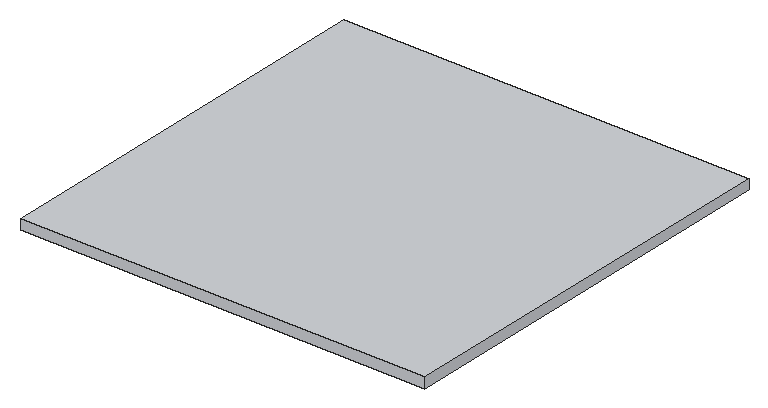
Revit family "8643000", category Aparatos sanitarios, Revit 2017
Family settings
  Anfitrión = Cara
  Cota de conector redondo = Diámetro de uso
  Tipo de pieza = Normal
  Número OmniClass = 23.45.55.14
  Título OmniClass = Single Faucets
  Corte con vacíos al cargar = No
  Compartido = No
  Punto de cálculo de habitación = No
Parameters (values of type "8643000")
  URL = "http://www.griferiasgalindo.com/ducha/theo/grifo-ducha-theo?c=es"
  Teléfono = "(+34) 915 782 575"
  TIPO DE AGUA = "Fria/Caliente"
  REFERENCIA = "8643000"
  Presión Máxima = "8 bar"
  PESO BRUTO = "3.76 Kg"
  Modelo = "GRIFO DE DUCHA con accesorios"
  Material = LATON CROMADO
  Imagen de tipo = <Ninguno>
  Fabricante = "PRESTO IBÉRICA"
  Default Elevation = 1219.2 mm
  ENTRADA = "Hembra 3/4\""
  Descripción = "Grupo ducha con accesorios"
  Código de montaje = "C1030220"
  Contacto = "info@prestoiberica.com"
  Conexión AF = yes
  Conexión AC = yes
  Comentarios de tipo = "Cartucho sellado mezclador con discos cerámicos de Ø 35 mm.  Entradas hembra de 3/4\" con excéntricas y embellecedor."
  CIERRE = "Manual"
  CAUDAL = ""
  Accionamiento = "Mediante maneta"
Reference planes
  plane 1 "Centro (Frontal/Posterior)": y = 0
  plane 2: z = 0
  plane 3 "Centro (Izquierda/Derecha)": x = 0
Forms (mm)
  Extrusion 1, solid
    sketch origin (0, 0, 0) x (1, 0, 0) y (0, 1, 0)
      loop
        line (-100, 100) -> (-100, -100) -> (100, -100) -> (100, 100) -> (-100, 100)
    from 0 to -5
Dimensions and locks
  Extrusion 1 sketch curve to plane 1 "Centro (Frontal/Posterior)" = 100 mm
  aligned and locked: plane 2 to Extrusion 1
  aligned and locked: level to Extrusion 1
Connectors
  piping at (-74, -12, -19.8), diameter 19.1
    settings: on import instance, index 1, connector inside diameter 609.6 mm, connector length 0 mm, flow factor 0, pipe flow 0.0 L/s, pressure drop 0.0 Pa, fitting loss kfactor 0, connector angle 0.00°, fixture units 0, engagement length 0 mm, angle of deflection 0.00°, flow configuration 0, flow direction 1, fitting loss method 0, system type 19, joint type 0, gender type 0, connector reference index -1, connector utility 0, adjustable connector no, is connector primary yes, connector description ""
  piping at (75.7, -12, -19.8), diameter 19.1
    settings: on import instance, index 2, connector inside diameter 609.6 mm, connector length 0 mm, flow factor 0, pipe flow 0.0 L/s, pressure drop 0.0 Pa, fitting loss kfactor 0, connector angle 0.00°, fixture units 0, engagement length 0 mm, angle of deflection 0.00°, flow configuration 0, flow direction 1, fitting loss method 0, system type 20, joint type 0, gender type 0, connector reference index -1, connector utility 0, adjustable connector no, is connector primary no, connector description ""
